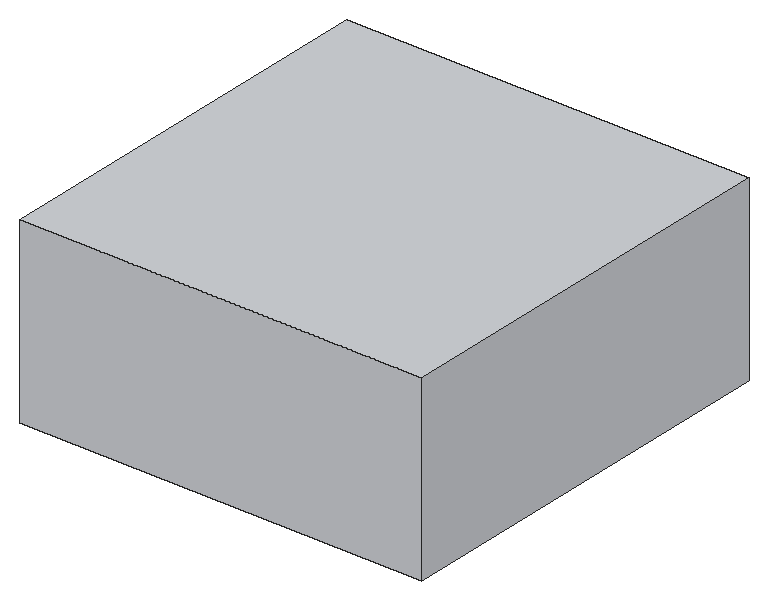
Revit family "bb6af31c3227419691185221db6aaa2e", category Conduit Fittings, Revit 2021
Family settings
  Round Connector Dimension = Use Radius
  Part Type = Junction Box Elbow
  OmniClass Number = 23.80.30.17.11
  OmniClass Title = Conduits
  Seek Item ID = Conduit Junction Box - Elbow - Aluminum-0000-USA-ENU
  Work Plane-Based = No
  Always vertical = Yes
  Cut with Voids When Loaded = No
  Shared = No
Parameters (values of type "Standard")
  Width [instance] = if(not(Max Nominal Diameter 12 > 0' 1"), 0' 4 5/8", 6 * Max Nominal Diameter 12)  # 4 5/8"
  Nominal Radius 2 [instance] = 1/4"
  Nominal Radius 1 [instance] = 1/4"
  Nominal Diameter 2 [instance] = Nominal Radius 2 * 2  # 1/2"
  Nominal Diameter 1 [instance] = Nominal Radius 1 * 2  # 1/2"
  Max Nominal Diameter 12 [instance] = if(Nominal Diameter 1 > Nominal Diameter 2, Nominal Diameter 1, Nominal Diameter 2)  # 1/2"
  Height [instance] = if(not(Max Nominal Diameter 12 > 0' 1"), 0' 2 1/16", if(Max Nominal Diameter 12 < 0' 6", 0' 6", Max Nominal Diameter 12 * 1.2))  # 2 1/16"
  Length [instance] = if(not(Max Nominal Diameter 12 > 0' 1"), 0' 4 9/16", 8 * Max Nominal Diameter 12)  # 4 9/16"
  Default Elevation = 0' - 0"
Reference planes (in)
  plane 1 "Center (Front/Back)": y = 0
  plane 2: z = 0
  plane 3 "Center (Left/Right)": x = 0
  plane 4: x = -2.28125
  plane 5: x = 2.28125
  plane 6: y = 2.3125
  plane 7: y = -2.3125
  plane 8: z = 1.03125
  plane 9: z = -1.03125
Forms (in)
  Extrusion 1, solid
    sketch origin (23, 0, 0) x (1, 0, 0) y (0, 1, 0)
      loop
        line (-25.28125, 2.3125) -> (-25.28125, -2.3125) -> (-20.71875, -2.3125) -> (-20.71875, 2.3125) -> (-25.28125, 2.3125)
    from -1.03125 to 1.03125
Dimensions and locks (in)
  "Length": plane 4 to plane 5
  "Width": plane 6 to plane 7
  equal spacing: plane 8, plane 2, plane 9
  "Height": plane 8 to plane 9
  equal spacing: plane 6, plane 1 "Center (Front/Back)", plane 7
  equal spacing: plane 4, plane 3 "Center (Left/Right)", plane 5
  aligned and locked: Extrusion 1 sketch curve to plane 6
  aligned and locked: plane 4 to Extrusion 1 sketch curve
  aligned and locked: plane 7 to Extrusion 1 sketch curve
  aligned and locked: Extrusion 1 sketch curve to plane 5
  aligned and locked: Extrusion 1 to plane 9
  aligned and locked: plane 8 to Extrusion 1
Connectors (in)
  cabletrayconduit at (-2.28125, 0, 0), diameter 0.5, driven by "Nominal Radius 1"
    settings: on Extrusion 1, index 1, connector width 1' - 0", connector height 1' - 0", connector angle 0.00°, system type 32, placement type 0, profile type 0, connector reference index 2, is primary connector yes, connector utility param no, connector description ""
  cabletrayconduit at (0, 2.3125, 0), diameter 0.5, driven by "Nominal Radius 2"
    settings: on Extrusion 1, index 2, connector width 1' - 0", connector height 1' - 0", connector angle 0.00°, system type 32, placement type 0, profile type 0, connector reference index 1, is primary connector no, connector utility param no, connector description ""
